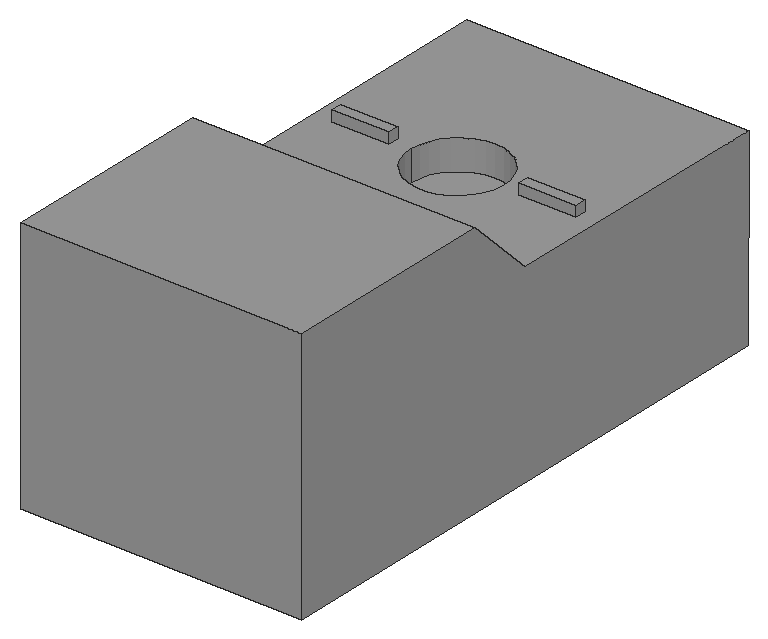
Revit family "RJ45ADAPTER", category Data Devices, host Face, Revit 2021
Family settings
  Host = Face
  Maintain Annotation Orientation = No
  Round Connector Dimension = Use Diameter
  Part Type = Normal
  OmniClass Number = 23.85.50.17.11
  OmniClass Title = Computer Network Equipment
  Cut with Voids When Loaded = No
  Shared = No
  Room Calculation Point = No
Parameters (values of type "RJ45 Adapter")
  Weight = 0.002 kg  # constant formula
  Warranty = "Five-year limited"  # constant formula
  Voltage = 120 V
  URL = "https://www.currentlighting.com/nxlightingcontrols"
  Type Comments = "Data Devices"  # constant formula
  Product Page URL = ""
  Product Material = Gray
  Product Documentation Link = ""
  Power Factor = 1
  Number of Poles = 1
  Mounting = "Adapter may be mounted using a zip-tie (not included) or with a #8 or #10 mounting screw (not included)."  # constant formula
  Model = "RJ45ADAPTER\r"  # constant formula
  Manufacturer = " NX Lighting Controls"  # constant formula
  Load Classification = Power
  Electrical = "4 Terminal Connectors-Red: +24V; Blue: Occupancy Sensor Input; Yellow: Photocell/Daylight Sensor Input; Black: Common"  # constant formula
  Door is Open = yes
  Description = "RJ45 Adapter and CAT5 System Cables\r"  # constant formula
  Default Elevation = 48.00"
  Copyright = "Copyright © NX Lighting Controls"  # constant formula
  Contact Us = ""
  Construction = "SABIC NORYL HS2000X"  # constant formula
  Connector Description 2 = "Data"  # constant formula
  Connector Description 1 = "Power Supply"  # constant formula
  Plenum Rated = "RJ45ADAPTER and Cables are UL2043 compliant (Plenum rated)"  # constant formula
  Certifications = "cULus listed"  # constant formula
  Assembly Code = "D5030600"
  Apparent Load = 0 VA
  Angle = if(Door is Open, 75.00°, 0.00°)  # 75.00°
Reference planes (in)
  plane 1 "Center (Front/Back)": y = 0
  plane 2: z = 0
  plane 3 "Center (Left/Right)": x = 0
  plane 4: z = 0.995
  plane 5: z = 0
  plane 6: y = 1.084
  plane 7: y = -1.084
  plane 8: x = 0.5465
  plane 9: x = -0.5465
  plane 10: z = 0.75
  plane 11: through (0, -0.245, 0.995) normal (0, -0.7071, -0.7071)
Forms (in)
  Extrusion 1, solid, material "Gray" <- "Product Material"
    sketch origin (0, 0, 0) x (0, 1, 0) y (0, 0, 1)
      loop
        line (1.084, 0) -> (1.084, 0.75) -> (0, 0.75) -> (-0.245, 0.995) -> (-1.084, 0.995) -> (-1.084, 0) -> (1.084, 0)
    from -0.5465 to 0.5465
  Extrusion 2, void
    sketch origin (0, 0, 0) x (1, 0, 0) y (0, 1, 0)
      loop
        circle (0, 0.35687) r 0.18129
    from 0.63264 to 0.75
  Extrusion 3, solid, material "Gray" <- "Product Material"
    sketch origin (0, 0, 0) x (1, 0, 0) y (0, 1, 0)
      loop
        line (-0.47329, 0.37968) -> (-0.47329, 0.33695) -> (-0.25281, 0.33695) -> (-0.25281, 0.37968) -> (-0.47329, 0.37968)
      loop
        line (0.47329, 0.37968) -> (0.25281, 0.37968) -> (0.25281, 0.33695) -> (0.47329, 0.33695) -> (0.47329, 0.37968)
    from 0.75 to 0.7908
Cuts and joins
  Extrusion 2 cuts Extrusion 1
Lines and regions (in)
  reference lines
    curve 1: line (-8.45317, 0, 6.09969) -> (-4.1065, 0, 4.935)
  model lines, style "RJ45 Adapter"
    curve 2: line (-0.3465, -1.084, 0.86681) -> (0.3465, -1.084, 0.86681)
    curve 3: line (-0.3465, -1.084, 0.30431) -> (-0.3465, -1.084, 0.86681)
    curve 4: line (0.3465, -1.084, 0.30431) -> (-0.3465, -1.084, 0.30431)
    curve 5: line (0.3465, -1.084, 0.30431) -> (0.3465, -1.084, 0.86681)
    curve 6: line (-0.28247, -1.084, 0.52054) -> (-0.28247, -1.084, 0.63264)
    curve 7: line (-0.28247, -1.084, 0.63264) -> (-0.25774, -1.084, 0.63264)
    curve 8: line (-0.25774, -1.084, 0.63264) -> (-0.25774, -1.084, 0.70886)
    curve 9: line (-0.25774, -1.084, 0.70886) -> (-0.20387, -1.084, 0.70886)
    curve 10: line (-0.20387, -1.084, 0.70886) -> (-0.20387, -1.084, 0.75865)
    curve 11: line (-0.20387, -1.084, 0.75865) -> (-0.11658, -1.084, 0.75865)
    curve 12: line (-0.11658, -1.084, 0.75865) -> (-0.11658, -1.084, 0.81259)
    curve 13: line (-0.11658, -1.084, 0.81259) -> (0.11658, -1.084, 0.81259)
    curve 14: line (-0.28247, -1.084, 0.52054) -> (-0.25774, -1.084, 0.52054)
    curve 15: line (-0.25774, -1.084, 0.44432) -> (-0.17928, -1.084, 0.44432)
    curve 16: line (-0.25774, -1.084, 0.52054) -> (-0.25774, -1.084, 0.44432)
    curve 17: line (-0.17928, -1.084, 0.44432) -> (-0.17928, -1.084, 0.3629)
    curve 18: line (-0.17928, -1.084, 0.3629) -> (0.17928, -1.084, 0.3629)
    curve 19: line (0.28247, -1.084, 0.52054) -> (0.28247, -1.084, 0.63264)
    curve 20: line (0.28247, -1.084, 0.63264) -> (0.25774, -1.084, 0.63264)
    curve 21: line (0.25774, -1.084, 0.63264) -> (0.25774, -1.084, 0.70886)
    curve 22: line (0.25774, -1.084, 0.70886) -> (0.20387, -1.084, 0.70886)
    curve 23: line (0.20387, -1.084, 0.70886) -> (0.20387, -1.084, 0.75865)
    curve 24: line (0.20387, -1.084, 0.75865) -> (0.11658, -1.084, 0.75865)
    curve 25: line (0.11658, -1.084, 0.75865) -> (0.11658, -1.084, 0.81259)
    curve 26: line (0.28247, -1.084, 0.52054) -> (0.25774, -1.084, 0.52054)
    curve 27: line (0.25774, -1.084, 0.44432) -> (0.17928, -1.084, 0.44432)
    curve 28: line (0.25774, -1.084, 0.52054) -> (0.25774, -1.084, 0.44432)
    curve 29: line (0.17928, -1.084, 0.44432) -> (0.17928, -1.084, 0.3629)
    curve 30: circle (0.37628, 1.084, 0.45393) r 0.09497 normal (0, -1, 0)
    curve 31: circle (0.12712, 1.084, 0.45393) r 0.09497 normal (0, -1, 0)
    curve 32: circle (-0.37628, 1.084, 0.45393) r 0.09497 normal (0, 1, 0)
    curve 33: circle (-0.12712, 1.084, 0.45393) r 0.09497 normal (0, 1, 0)
    curve 34: circle (-0.37628, 0.89179, 0.75) r 0.07666 normal (0, 0, 1)
    curve 35: line (-0.39565, 0.8926, 0.75) -> (-0.41988, 0.92047, 0.75)
    curve 36: line (-0.41988, 0.92047, 0.75) -> (-0.39931, 0.93835, 0.75)
    curve 37: line (-0.39931, 0.93835, 0.75) -> (-0.37509, 0.91048, 0.75)
    curve 38: line (-0.37777, 0.87204, 0.75) -> (-0.4037, 0.8495, 0.75)
    curve 39: line (-0.4037, 0.8495, 0.75) -> (-0.42158, 0.87006, 0.75)
    curve 40: line (-0.42158, 0.87006, 0.75) -> (-0.39565, 0.8926, 0.75)
    curve 41: line (-0.37777, 0.87204, 0.75) -> (-0.35355, 0.84417, 0.75)
    curve 42: line (-0.35355, 0.84417, 0.75) -> (-0.33298, 0.86204, 0.75)
    curve 43: line (-0.33298, 0.86204, 0.75) -> (-0.35721, 0.88991, 0.75)
    curve 44: line (-0.35721, 0.88991, 0.75) -> (-0.33128, 0.91245, 0.75)
    curve 45: line (-0.33128, 0.91245, 0.75) -> (-0.34916, 0.93301, 0.75)
    curve 46: line (-0.34916, 0.93301, 0.75) -> (-0.37509, 0.91048, 0.75)
    curve 47: circle (-0.12712, 0.89179, 0.75) r 0.07666 normal (0, 0, 1)
    curve 48: line (-0.1465, 0.8926, 0.75) -> (-0.17073, 0.92047, 0.75)
    curve 49: line (-0.17073, 0.92047, 0.75) -> (-0.15016, 0.93835, 0.75)
    curve 50: line (-0.15016, 0.93835, 0.75) -> (-0.12593, 0.91048, 0.75)
    curve 51: line (-0.12862, 0.87204, 0.75) -> (-0.15455, 0.8495, 0.75)
    curve 52: line (-0.15455, 0.8495, 0.75) -> (-0.17243, 0.87006, 0.75)
    curve 53: line (-0.17243, 0.87006, 0.75) -> (-0.1465, 0.8926, 0.75)
    curve 54: line (-0.12862, 0.87204, 0.75) -> (-0.1044, 0.84417, 0.75)
    curve 55: line (-0.1044, 0.84417, 0.75) -> (-0.08383, 0.86204, 0.75)
    curve 56: line (-0.08383, 0.86204, 0.75) -> (-0.10806, 0.88991, 0.75)
    curve 57: line (-0.10806, 0.88991, 0.75) -> (-0.08213, 0.91245, 0.75)
    curve 58: line (-0.08213, 0.91245, 0.75) -> (-0.10001, 0.93301, 0.75)
    curve 59: line (-0.10001, 0.93301, 0.75) -> (-0.12593, 0.91048, 0.75)
    curve 60: circle (0.12712, 0.89179, 0.75) r 0.07666 normal (0, 0, 1)
    curve 61: line (0.10775, 0.8926, 0.75) -> (0.08352, 0.92047, 0.75)
    curve 62: line (0.08352, 0.92047, 0.75) -> (0.10409, 0.93835, 0.75)
    curve 63: line (0.10409, 0.93835, 0.75) -> (0.12831, 0.91048, 0.75)
    curve 64: line (0.12563, 0.87204, 0.75) -> (0.0997, 0.8495, 0.75)
    curve 65: line (0.0997, 0.8495, 0.75) -> (0.08182, 0.87006, 0.75)
    curve 66: line (0.08182, 0.87006, 0.75) -> (0.10775, 0.8926, 0.75)
    curve 67: line (0.12563, 0.87204, 0.75) -> (0.14985, 0.84417, 0.75)
    curve 68: line (0.14985, 0.84417, 0.75) -> (0.17042, 0.86204, 0.75)
    curve 69: line (0.17042, 0.86204, 0.75) -> (0.14619, 0.88991, 0.75)
    curve 70: line (0.14619, 0.88991, 0.75) -> (0.17212, 0.91245, 0.75)
    curve 71: line (0.17212, 0.91245, 0.75) -> (0.15424, 0.93301, 0.75)
    curve 72: line (0.15424, 0.93301, 0.75) -> (0.12831, 0.91048, 0.75)
    curve 73: circle (0.37628, 0.89179, 0.75) r 0.07666 normal (0, 0, 1)
    curve 74: line (0.3569, 0.8926, 0.75) -> (0.33267, 0.92047, 0.75)
    curve 75: line (0.33267, 0.92047, 0.75) -> (0.35324, 0.93835, 0.75)
    curve 76: line (0.35324, 0.93835, 0.75) -> (0.37747, 0.91048, 0.75)
    curve 77: line (0.37478, 0.87204, 0.75) -> (0.34885, 0.8495, 0.75)
    curve 78: line (0.34885, 0.8495, 0.75) -> (0.33097, 0.87006, 0.75)
    curve 79: line (0.33097, 0.87006, 0.75) -> (0.3569, 0.8926, 0.75)
    curve 80: line (0.37478, 0.87204, 0.75) -> (0.399, 0.84417, 0.75)
    curve 81: line (0.399, 0.84417, 0.75) -> (0.41957, 0.86204, 0.75)
    curve 82: line (0.41957, 0.86204, 0.75) -> (0.39534, 0.88991, 0.75)
    curve 83: line (0.39534, 0.88991, 0.75) -> (0.42127, 0.91245, 0.75)
    curve 84: line (0.42127, 0.91245, 0.75) -> (0.40339, 0.93301, 0.75)
    curve 85: line (0.40339, 0.93301, 0.75) -> (0.37747, 0.91048, 0.75)
Dimensions and locks (in)
  locked: plane 4 to plane 5 at 0.995
  locked: plane 9 to plane 8 at 1.093
  locked: plane 7 to plane 6 at 2.168
  equal spacing: plane 9, plane 3 "Center (Left/Right)", plane 8, locked at 0.5465 each
  equal spacing: plane 7, plane 1 "Center (Front/Back)", plane 6, locked at 1.084 each
  aligned and locked: plane 2 to host face
  aligned and locked: level to host face
  aligned and locked: plane 6 to Extrusion 1 sketch curve
  aligned and locked: Extrusion 1 sketch curve to plane 4
  aligned and locked: plane 7 to Extrusion 1 sketch curve
  aligned and locked: plane 5 to Extrusion 1 sketch curve
  aligned and locked: plane 10 to Extrusion 1 sketch curve
  aligned and locked: plane 11 to Extrusion 1 sketch curve
  aligned and locked: Extrusion 1 to plane 9
  aligned and locked: Extrusion 1 to plane 8
Automatic sketch dimensions
  host sketch curve to host sketch curve = 96.00"  (x2)
  curve 1 to plane 9 = 7.90667"
  curve 1 to plane 9 = 3.56"
  plane 4 to curve 1 = 3.94"
  curve 1 to curve 1 = 1.16469"
  Extrusion 1 to curve 2 = 0.12819"
  Extrusion 1 to curve 13 = 0.18241"
  curve 13 to curve 24 = 0.05394"
  curve 12 to curve 12 = 0.05394"
  curve 10 to curve 10 = 0.04979"
  curve 23 to curve 22 = 0.04979"
  curve 8 to curve 7 = 0.07622"
  curve 21 to curve 20 = 0.07622"
  curve 20 to curve 26 = 0.11209"
  curve 6 to curve 6 = 0.11209"
  curve 14 to curve 15 = 0.07622"
  curve 26 to curve 27 = 0.07622"
  curve 15 to curve 17 = 0.08142"
  curve 27 to curve 4 = 0.14001"
  Extrusion 1 to curve 4 = 0.20"
  curve 2 to curve 6 = 0.06403"
  curve 6 to curve 15 = 0.02473"
  curve 6 to curve 7 = 0.02473"
  curve 8 to curve 10 = 0.05387"
  curve 15 to curve 18 = 0.07846"
  curve 10 to curve 12 = 0.08729"
  curve 11 to curve 25 = 0.23315"
  curve 17 to curve 18 = 0.35856"
  curve 24 to curve 23 = 0.08729"
  curve 22 to curve 22 = 0.05387"
  curve 27 to curve 28 = 0.07846"
  curve 20 to curve 20 = 0.02473"
  curve 27 to curve 4 = 0.08876"
  Extrusion 1 to curve 31 = 0.29607"
  Extrusion 1 to curve 32 = 0.29607"
  curve 33 to curve 32 = 0.00"
  curve 30 to curve 31 = 0.00"
  Extrusion 1 to curve 32 = 0.17022"
  curve 32 to curve 33 = 0.24915"
  curve 33 to curve 31 = 0.25425"
  Extrusion 1 to curve 30 = 0.17022"
  curve 37 to Extrusion 1 = 0.14565"
  curve 75 to Extrusion 1 = 0.14565"
  curve 49 to Extrusion 1 = 0.14565"
  curve 63 to Extrusion 1 = 0.14565"
  curve 36 to curve 46 = 0.00533"
  curve 49 to curve 58 = 0.00533"
  curve 75 to curve 84 = 0.00533"
  curve 62 to curve 71 = 0.00533"
  curve 75 to curve 74 = 0.01788"
  curve 49 to curve 48 = 0.01788"
  curve 62 to curve 61 = 0.01788"
  curve 36 to curve 35 = 0.01788"
  curve 58 to curve 58 = 0.02056"
  Extrusion 1 to curve 83 = 0.12523"
  curve 84 to curve 83 = 0.02056"
  curve 71 to curve 70 = 0.02056"
  curve 45 to curve 45 = 0.02056"
  curve 71 to curve 72 = 0.02254"
  curve 58 to curve 50 = 0.02254"
  Extrusion 1 to curve 85 = 0.16903"
  curve 84 to curve 85 = 0.02254"
  curve 45 to curve 37 = 0.02254"
  curve 50 to curve 53 = 0.01788"
  curve 63 to curve 66 = 0.01788"
  curve 37 to curve 40 = 0.01788"
  Extrusion 1 to curve 79 = 0.1896"
  curve 37 to curve 34 = 0.01868"
  curve 50 to curve 47 = 0.01868"
  curve 47 to curve 56 = 0.00188"
  Extrusion 1 to curve 83 = 0.15116"
  curve 34 to curve 44 = 0.00188"
  curve 60 to curve 69 = 0.00188"
  curve 47 to curve 51 = 0.01976"
  curve 34 to curve 41 = 0.01976"
  curve 60 to curve 67 = 0.01976"
  curve 73 to curve 80 = 0.01976"
  curve 74 to curve 79 = 0.02254"
  curve 61 to curve 65 = 0.02254"
  curve 35 to curve 39 = 0.02254"
  curve 48 to curve 53 = 0.02254"
  Extrusion 1 to curve 81 = 0.12693"
  curve 43 to curve 43 = 0.02787"
  curve 56 to curve 55 = 0.02787"
  curve 69 to curve 68 = 0.02787"
  curve 65 to curve 65 = 0.02056"
  curve 52 to curve 51 = 0.02056"
  Extrusion 1 to curve 39 = 0.1428"
  curve 39 to curve 39 = 0.02056"
  Extrusion 1 to curve 77 = 0.19765"
  curve 36 to curve 38 = 0.01618"
  curve 34 to curve 37 = 0.00119"
  curve 42 to curve 53 = 0.16056"
  curve 52 to curve 49 = 0.0017"
  curve 47 to curve 50 = 0.00119"
  curve 55 to curve 65 = 0.16566"
  curve 65 to curve 61 = 0.0017"
  curve 60 to curve 63 = 0.00119"
  curve 63 to curve 60 = 0.01868"
  curve 76 to curve 73 = 0.01868"
  curve 73 to curve 76 = 0.00119"
  Extrusion 2 sketch curve to plane 3 "Center (Left/Right)" = 0.00"
  Extrusion 2 sketch curve to plane 1 "Center (Front/Back)" = 0.35687"
  plane 9 to Extrusion 3 sketch curve = 0.07321"
  Extrusion 3 sketch curve to Extrusion 3 sketch curve = 0.22049"
  plane 3 "Center (Left/Right)" to Extrusion 3 sketch curve = 0.25281"
  plane 8 to Extrusion 3 sketch curve = 0.07321"
  Extrusion 3 sketch curve to plane 1 "Center (Front/Back)" = 0.33695"  (x2)
  Extrusion 3 sketch curve to Extrusion 3 sketch curve = 0.04273"  (x2)
  radius of curve 30 = 0.09497"
  radius of curve 31 = 0.09497"
  radius of curve 32 = 0.09497"
  radius of curve 33 = 0.09497"
  radius of curve 34 = 0.07666"
  radius of curve 47 = 0.07666"
  radius of curve 60 = 0.07666"
  radius of curve 73 = 0.07666"
  radius of Extrusion 2 sketch curve = 0.18129"
Connectors (in)
  electrical at (0, 1.084, 0.375), driven by "Load Classification", driven by "Voltage", driven by "Apparent Load", driven by "Power Factor", driven by "Connector Description 1"
    settings: on cut or joined group of Extrusion 1, Extrusion 2, index 1, voltage 120 V, apparent load 0 VA, apparent load phase1 0 VA, apparent load phase2 0 VA, apparent load phase3 0 VA, power factor 1, load classification "Power", number of poles 1, system type 30, power factor state 1, is connector primary yes, connector utility no, sub classification motor no, connector description "Power Supply"
  electrical at (0, -1.084, 0.4975), driven by "Connector Description 2"
    settings: on cut or joined group of Extrusion 1, Extrusion 2, index 2, voltage 0 V, apparent load 0 VA, apparent load phase1 0 VA, apparent load phase2 0 VA, apparent load phase3 0 VA, power factor 1, load classification "Other", number of poles 1, system type 5, power factor state 1, is connector primary no, connector utility no, sub classification motor no, connector description "Data"
